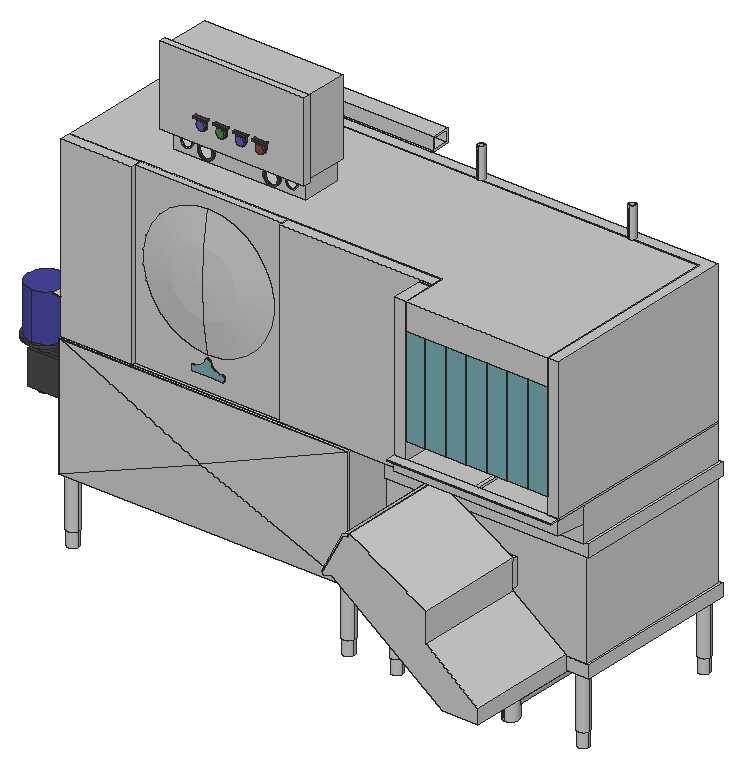
Revit family (continued)
Dimensions and locks (in)
  aligned and locked: plane 3 "BACK" to Extrusion 2 sketch curve
  aligned and locked: plane 13 "Panel Top" to Extrusion 2
  aligned and locked: Extrusion 2 to plane 14
  aligned and locked: plane 2 "LEFT" to Extrusion 3 sketch curve
  aligned and locked: Extrusion 3 sketch curve to plane 6 "FRONT"
  aligned and locked: Extrusion 3 sketch curve to plane 9 "Left of Ledge"
  aligned and locked: Extrusion 3 sketch curve to plane 3 "BACK"
  aligned and locked: plane 3 "BACK" to Extrusion 4 sketch curve
  aligned and locked: Extrusion 4 sketch curve to plane 20
  aligned and locked: Extrusion 4 to plane 13 "Panel Top"
  aligned and locked: plane 3 "BACK" to Extrusion 5 sketch curve
  aligned and locked: plane 19 to Extrusion 5 sketch curve
  aligned and locked: plane 2 "LEFT" to Extrusion 6 sketch curve
  aligned and locked: Extrusion 6 sketch curve to plane 20
  aligned and locked: Extrusion 6 sketch curve to plane 19
  aligned and locked: plane 3 "BACK" to Extrusion 7 sketch curve
  aligned and locked: plane 19 to Extrusion 7 sketch curve
  aligned and locked: plane 2 "LEFT" to Extrusion 7 sketch curve
  aligned and locked: Extrusion 7 to plane 11 "Table Height"
  aligned and locked: Extrusion 6 to plane 24 "Top of Opening"
  aligned and locked: Extrusion 8 sketch curve to plane 22
  aligned and locked: plane 2 "LEFT" to Extrusion 8 sketch curve
  aligned and locked: plane 13 "Panel Top" to Extrusion 8 sketch curve
  aligned and locked: Extrusion 8 to plane 20
  aligned and locked: Extrusion 8 sketch curve to plane 12 "Top of Machine"
  aligned and locked: plane 2 "LEFT" to Blend 9 sketch curve
  aligned and locked: plane 10 "Bottom of Machine" to Blend 9 sketch curve
  aligned and locked: Blend 9 sketch curve to plane 13 "Panel Top"
  aligned and locked: Blend 9 sketch curve to plane 5 "Right of 44"
  aligned and locked: plane 6 "FRONT" to Extrusion 1 sketch curve
  aligned and locked: plane 2 "LEFT" to Extrusion 10 sketch curve
  aligned and locked: Extrusion 10 sketch curve to plane 6 "FRONT"
  aligned and locked: plane 15 to Extrusion 10 sketch curve
  aligned and locked: Extrusion 10 sketch curve to plane 5 "Right of 44"
  aligned and locked: Extrusion 10 to plane 10 "Bottom of Machine"
  aligned and locked: plane 13 "Panel Top" to Extrusion 10
  aligned and locked: plane 23 to Extrusion 11 sketch curve
  aligned and locked: Extrusion 11 sketch curve to plane 12 "Top of Machine"
  aligned and locked: plane 13 "Panel Top" to Extrusion 11 sketch curve
  aligned and locked: Extrusion 11 to plane 20
  aligned and locked: Extrusion 12 sketch curve to plane 23
  aligned and locked: plane 20 to Extrusion 12 sketch curve
  aligned and locked: plane 22 to Extrusion 12 sketch curve
  aligned and locked: Extrusion 12 to plane 13 "Panel Top"
  aligned and locked: plane 25 to Extrusion 14
  aligned and locked: Extrusion 15 to plane 25
  aligned and locked: plane 10 "Bottom of Machine" to Extrusion 15
  aligned and locked: plane 2 "LEFT" to Extrusion 22 sketch curve  (x7)
  aligned and locked: Extrusion 22 sketch curve to plane 19
  aligned and locked: Extrusion 22 sketch curve to plane 20
  aligned and locked: Extrusion 23 sketch curve to plane 31
  aligned and locked: plane 30 "Front of Lower Panel" to Extrusion 23 sketch curve
  aligned and locked: plane 26 to Extrusion 23 sketch curve
  aligned and locked: plane 27 to Extrusion 23 sketch curve
  aligned and locked: Extrusion 24 sketch curve to plane 33 "Back of Panel"
  aligned and locked: plane 32 to Extrusion 24 sketch curve
  aligned and locked: plane 35 to Extrusion 24 sketch curve
  aligned and locked: Extrusion 24 sketch curve to plane 36
  aligned and locked: Extrusion 25 sketch curve to plane 32
  aligned and locked: plane 34 "Front of Upper Panel" to Extrusion 25 sketch curve
  aligned and locked: plane 28 to Extrusion 25 sketch curve
  aligned and locked: Extrusion 25 sketch curve to plane 29
  aligned and locked: Extrusion 28 sketch curve to Extrusion 27  (x2)
  aligned and locked: Extrusion 29 sketch curve to Extrusion 26  (x2)
  aligned and locked: Extrusion 32 sketch curve to Extrusion 31  (x2)
  aligned and locked: Extrusion 33 sketch curve to Extrusion 30  (x2)
  aligned: plane 38 to nested 1
  aligned: nested 1 to plane 37
  aligned and locked: Extrusion 42 to plane 40
  aligned and locked: Extrusion 42 to plane 41
  aligned and locked: Extrusion 43 to plane 41
  aligned and locked: Extrusion 43 to plane 40
  aligned and locked: plane 2 "LEFT" to curve 2
  aligned and locked: plane 3 "BACK" to curve 1
  aligned and locked: plane 6 "FRONT" to curve 3
  aligned and locked: plane 40 to curve 4
  aligned and locked: plane 41 to curve 6
  aligned and locked: curve 5 to plane 42
  aligned and locked: curve 8 to plane 33 "Back of Panel"
  aligned and locked: plane 32 to curve 10
  aligned and locked: plane 35 to curve 9
  aligned and locked: curve 11 to plane 36
  aligned and locked: plane 28 to curve 15
  aligned and locked: plane 34 "Front of Upper Panel" to curve 14
  aligned and locked: curve 13 to plane 29
  aligned and locked: Extrusion 46 sketch curve to plane 16  (x2)
  aligned and locked: plane 44 to Extrusion 46 sketch curve
  aligned and locked: plane 41 to Extrusion 46 sketch curve
  aligned and locked: Extrusion 46 sketch curve to plane 42
  aligned and locked: plane 40 to Extrusion 46 sketch curve
  aligned: plane 39 "Top of Vents" to Extrusion 46
  aligned and locked: plane 4 "TOP" to Extrusion 46
  aligned and locked: plane 12 "Top of Machine" to Extrusion 47 sketch curve
  aligned and locked: Extrusion 47 sketch curve to plane 23
  aligned and locked: plane 22 to Extrusion 47 sketch curve
  aligned and locked: Extrusion 47 sketch curve to plane 45
  aligned and locked: Extrusion 47 to plane 20
  aligned and locked: Extrusion 46 sketch curve to plane 9 "Left of Ledge"
  aligned and locked: Extrusion 51 sketch curve to Extrusion 49
  aligned and locked: Blend 52 sketch curve to Extrusion 51  (x2)
  aligned and locked: Extrusion 61 sketch curve to Extrusion 59  (x2)
  aligned and locked: Extrusion 78 sketch curve to Extrusion 77  (x2)
  aligned and locked: Extrusion 101 to plane 50
  aligned and locked: plane 50 to Extrusion 102
  aligned and locked: plane 51 to Extrusion 103 sketch curve
  aligned and locked: Extrusion 103 sketch curve to plane 49
  aligned and locked: curve 42 to plane 48
  aligned and locked: curve 47 to plane 49
  aligned and locked: plane 51 to curve 45
  aligned and locked: plane 48 to Extrusion 104 sketch curve
  aligned and locked: plane 48 to curve 48
  aligned and locked: plane 20 to Extrusion 106 sketch curve
  aligned and locked: plane 6 "FRONT" to Extrusion 106 sketch curve
  aligned and locked: plane 52 to Extrusion 106 sketch curve
  aligned and locked: Extrusion 106 sketch curve to plane 56
  aligned and locked: plane 55 to Extrusion 107 sketch curve
  aligned and locked: Extrusion 107 sketch curve to plane 53
  aligned and locked: plane 20 to Extrusion 107 sketch curve
  aligned and locked: plane 6 "FRONT" to Extrusion 107 sketch curve
  aligned and locked: Extrusion 106 to plane 13 "Panel Top"
  aligned and locked: Extrusion 107 to plane 13 "Panel Top"
  aligned and locked: curve 59 to plane 22
  aligned and locked: curve 61 to plane 23
  aligned and locked: Extrusion 75 to plane 58
  aligned and locked: Extrusion 73 to plane 58
  aligned and locked: plane 58 to curve 31
Automatic sketch dimensions
  Extrusion 4 sketch curve to plane 15 = 0' - 0"
  Extrusion 4 sketch curve to plane 46 "RIGHT" = 0' - 0"
  Extrusion 4 sketch curve to plane 2 "LEFT" = 0' - 0"
  Extrusion 4 sketch curve to plane 18 = 1' - 0 3/8"
  Extrusion 5 sketch curve to Extrusion 5 sketch curve = 0' - 0"  (x2)
  Extrusion 5 sketch curve to plane 46 "RIGHT" = 0' - 0"
  Extrusion 5 sketch curve to plane 2 "LEFT" = 0' - 0"  (x2)
  plane 31 to Extrusion 5 sketch curve = 0' - 0 1/4"
  Extrusion 5 sketch curve to plane 31 = 0' - 0 1/4"
  plane 30 "Front of Lower Panel" to Extrusion 5 sketch curve = 0' - 2 3/4"
  Extrusion 5 sketch curve to plane 47 = 0' - 0 1/2"  (x2)
  Extrusion 5 sketch curve to Extrusion 5 sketch curve = 0' - 1 5/8"
  Extrusion 5 sketch curve to Extrusion 5 sketch curve = 0' - 10 5/8"
  Extrusion 6 sketch curve to plane 47 = 0' - 0 1/2"
  Extrusion 6 sketch curve to plane 18 = 1' - 0 3/8"
  Extrusion 6 sketch curve to plane 46 "RIGHT" = 0' - 1 5/8"
  Extrusion 7 sketch curve to plane 46 "RIGHT" = 0' - 0"
  Extrusion 7 sketch curve to plane 47 = 0' - 0 1/2"
  Extrusion 7 sketch curve to plane 46 "RIGHT" = 0' - 1 5/8"
  Extrusion 11 sketch curve to plane 18 = 1' - 0 3/8"
  plane 34 "Front of Upper Panel" to Extrusion 22 sketch curve = 0' - 0 3/8"
  Extrusion 22 sketch curve to Extrusion 22 sketch curve = 0' - 0 1/8"  (x6)
  Extrusion 22 sketch curve to plane 30 "Front of Lower Panel" = 0' - 1 1/4"
  plane 31 to Extrusion 22 sketch curve = 0' - 1 5/8"
  Extrusion 22 sketch curve to plane 2 "LEFT" = 0' - 0 1/8"  (x7)
  Extrusion 22 sketch curve to plane 33 "Back of Panel" = 0' - 1"
  Extrusion 22 sketch curve to Extrusion 22 sketch curve = 0' - 3"  (x2)
  Extrusion 26 sketch curve to Extrusion 26 sketch curve = 0' - 0"  (x2)
  Extrusion 27 sketch curve to Extrusion 27 sketch curve = 0' - 0"  (x2)
  Extrusion 30 sketch curve to Extrusion 30 sketch curve = 0' - 0"  (x2)
  Extrusion 31 sketch curve to Extrusion 31 sketch curve = 0' - 0"  (x2)
  Extrusion 34 sketch curve to Extrusion 34 sketch curve = 0' - 2"  (x3)
  Extrusion 34 sketch curve to Extrusion 34 sketch curve = 0' - 1"  (x2)
  Extrusion 34 sketch curve to plane 21 "Door Center" = 0' - 0 1/2"
  plane 21 "Door Center" to Extrusion 34 sketch curve = 0' - 0 1/2"
  plane 39 "Top of Vents" to Extrusion 34 sketch curve = 0' - 3"
  Extrusion 34 sketch curve to Extrusion 34 sketch curve = 0' - 0 1/4"  (x5)
  Extrusion 34 sketch curve to Extrusion 34 sketch curve = 0' - 0"
  Extrusion 39 sketch curve to Extrusion 39 sketch curve = 0' - 0 3/4"  (x4)
  Extrusion 39 sketch curve to Extrusion 39 sketch curve = 0' - 1 1/2"  (x2)
  plane 21 "Door Center" to Extrusion 39 sketch curve = 0' - 0 3/4"
  plane 39 "Top of Vents" to Extrusion 39 sketch curve = 0' - 1 7/8"  (x2)
  Extrusion 39 sketch curve to Extrusion 39 sketch curve = 0' - 0"
  Extrusion 39 sketch curve to Extrusion 39 sketch curve = 0' - 0 7/8"  (x4)
  Extrusion 41 sketch curve to Extrusion 41 sketch curve = 0' - 0"  (x2)
  Extrusion 42 sketch curve to plane 43 = 0' - 0"
  Extrusion 42 sketch curve to plane 12 "Top of Machine" = 0' - 0"
  Extrusion 42 sketch curve to plane 42 = 0' - 0"
  Extrusion 42 sketch curve to plane 42 = 0' - 0 1/8"
  Extrusion 42 sketch curve to plane 16 = 0' - 0 1/8"
  Extrusion 42 sketch curve to Extrusion 42 sketch curve = 0' - 0 1/8"
  plane 12 "Top of Machine" to Extrusion 42 sketch curve = 0' - 0 1/8"
  Extrusion 42 sketch curve to plane 43 = 0' - 0 1/8"
  Extrusion 43 sketch curve to plane 3 "BACK" = 0' - 0"
  Extrusion 43 sketch curve to plane 12 "Top of Machine" = 0' - 0"
  Extrusion 43 sketch curve to plane 3 "BACK" = 0' - 0 1/4"
  Extrusion 43 sketch curve to Extrusion 43 sketch curve = 0' - 0 1/8"
  Extrusion 45 sketch curve to Extrusion 45 sketch curve = 0' - 0"  (x2)
  plane 46 "RIGHT" to Extrusion 46 sketch curve = 0' - 0 5/8"
  Extrusion 50 sketch curve to plane 34 "Front of Upper Panel" = 0' - 0 3/16"
  Blend 52 sketch curve to plane 34 "Front of Upper Panel" = 0' - 0 3/16"
  Extrusion 53 sketch curve to plane 34 "Front of Upper Panel" = 0' - 0 3/16"
  Extrusion 54 sketch curve to plane 34 "Front of Upper Panel" = 0' - 0 3/16"
  Blend 62 sketch curve to plane 9 "Left of Ledge" = 0' - 0 5/16"
  Blend 62 sketch curve to plane 31 = 0' - 2 1/4"
  plane 33 "Back of Panel" to Blend 62 sketch curve = 0' - 1 3/4"
  Blend 62 sketch curve to plane 31 = 0' - 1 1/4"
  plane 33 "Back of Panel" to Blend 62 sketch curve = 0' - 0 3/4"
  plane 30 "Front of Lower Panel" to Blend 63 sketch curve = 0' - 3"
  plane 33 "Back of Panel" to Blend 63 sketch curve = 0' - 2 1/2"
  plane 9 "Left of Ledge" to Blend 63 sketch curve = 0' - 0 7/16"
  Blend 63 sketch curve to plane 9 "Left of Ledge" = 0' - 0 9/16"
  Blend 63 sketch curve to plane 31 = 0' - 2"
  plane 33 "Back of Panel" to Blend 63 sketch curve = 0' - 1 1/2"
  curve 18 to plane 46 "RIGHT" = 0' - 0"
  curve 18 to plane 47 = 0' - 10 1/2"
  curve 21 to plane 46 "RIGHT" = 0' - 0 1/16"
  curve 18 to curve 21 = 0' - 3 1/16"
  curve 24 to plane 47 = 0' - 3 9/16"
  curve 20 to plane 47 = 0' - 0 3/4"
  curve 18 to plane 47 = 0' - 0 1/2"
  curve 22 to plane 18 = 0' - 10 13/16"
  curve 22 to curve 19 = 0' - 0 1/16"
  Extrusion 65 sketch curve to plane 46 "RIGHT" = 0' - 0"
  Extrusion 65 sketch curve to plane 47 = 0' - 2"
  Extrusion 65 sketch curve to plane 18 = 0' - 10 3/4"
  Extrusion 65 sketch curve to plane 47 = 0' - 0 1/2"
  Extrusion 68 sketch curve to plane 47 = 0' - 3 9/16"
  Extrusion 68 sketch curve to plane 18 = 0' - 10 13/16"
  Extrusion 68 sketch curve to Extrusion 68 sketch curve = 0' - 0 1/8"  (x3)
  Extrusion 68 sketch curve to plane 46 "RIGHT" = 0' - 0 3/16"
  Extrusion 68 sketch curve to plane 46 "RIGHT" = 0' - 0 1/16"
  Extrusion 68 sketch curve to Extrusion 68 sketch curve = 0' - 3 5/8"
  Extrusion 69 sketch curve to plane 47 = 0' - 0 1/2"  (x3)
  Extrusion 69 sketch curve to plane 18 = 1' - 0 3/8"
  Extrusion 69 sketch curve to Extrusion 69 sketch curve = 0' - 3"  (x6)
  Extrusion 69 sketch curve to Extrusion 69 sketch curve = 0' - 0 1/8"  (x8)
  Extrusion 69 sketch curve to plane 47 = 0' - 0 3/8"  (x4)
  Extrusion 69 sketch curve to plane 46 "RIGHT" = 0' - 1 5/8"
  Extrusion 69 sketch curve to Extrusion 69 sketch curve = 0' - 0"  (x5)
  Extrusion 71 sketch curve to plane 15 = 0' - 0"
  Extrusion 71 sketch curve to plane 47 = 0' - 0 1/2"
  Extrusion 71 sketch curve to plane 18 = 1' - 0 3/8"
  Extrusion 71 sketch curve to Extrusion 71 sketch curve = 0' - 1 5/8"
  Extrusion 76 sketch curve to plane 47 = 0' - 2.55411"
  Extrusion 76 sketch curve to Extrusion 76 sketch curve = 0' - 0.25142"  (x2)
  Extrusion 76 sketch curve to Extrusion 76 sketch curve = 0' - 0.25483"
  Extrusion 76 sketch curve to Extrusion 76 sketch curve = 0' - 0.30345"
  Extrusion 76 sketch curve to Extrusion 76 sketch curve = 0' - 1.63184"  (x2)
  Extrusion 76 sketch curve to Extrusion 76 sketch curve = 0' - 1.52338"
  Extrusion 76 sketch curve to Extrusion 76 sketch curve = 0' - 0.41934"
  Extrusion 76 sketch curve to plane 47 = 0' - 5.05204"
  Extrusion 76 sketch curve to Extrusion 76 sketch curve = 0' - 0.42496"
  Extrusion 76 sketch curve to Extrusion 76 sketch curve = 0' - 0"  (x2)
  Extrusion 76 sketch curve to Extrusion 76 sketch curve = 0' - 1.22253"
  Extrusion 76 sketch curve to Extrusion 76 sketch curve = 0' - 1.51845"
  Extrusion 76 sketch curve to Extrusion 76 sketch curve = 0' - 0.00341"
  Extrusion 76 sketch curve to Extrusion 76 sketch curve = 0' - 0.34808"
  Extrusion 76 sketch curve to Extrusion 76 sketch curve = 0' - 0.48493"  (x2)
  Extrusion 76 sketch curve to Extrusion 76 sketch curve = 0' - 0.08323"
  Extrusion 76 sketch curve to Extrusion 76 sketch curve = 0' - 11.98442"
  Extrusion 77 sketch curve to Extrusion 77 sketch curve = 0' - 0"  (x2)
  Extrusion 77 sketch curve to plane 47 = 0' - 2 3/4"
  Extrusion 77 sketch curve to plane 46 "RIGHT" = 0' - 5 1/2"
  Extrusion 79 sketch curve to plane 46 "RIGHT" = 0' - 0"
  Extrusion 79 sketch curve to Extrusion 79 sketch curve = 0' - 0 5/8"
  Extrusion 79 sketch curve to plane 47 = 0' - 0 1/2"
  Extrusion 79 sketch curve to Extrusion 79 sketch curve = 0' - 10"
  Extrusion 80 sketch curve to plane 46 "RIGHT" = 0' - 0 9/16"
  Extrusion 80 sketch curve to plane 47 = 0' - 7 5/16"
  Extrusion 80 sketch curve to Extrusion 80 sketch curve = 0' - 3 5/8"
  Extrusion 80 sketch curve to plane 18 = 0' - 10 9/16"
  plane 3 "BACK" to Extrusion 81 sketch curve = 0' - 0"
  Extrusion 81 sketch curve to plane 46 "RIGHT" = 0' - 0"
  Extrusion 81 sketch curve to Extrusion 81 sketch curve = 0' - 0 5/8"
  Extrusion 81 sketch curve to plane 47 = 0' - 0 1/2"
  Extrusion 82 sketch curve to plane 6 "FRONT" = 0' - 0"
  Extrusion 82 sketch curve to plane 16 = 0' - 0"
  plane 46 "RIGHT" to Extrusion 82 sketch curve = 0' - 0 3/8"
  Extrusion 82 sketch curve to plane 18 = 0' - 5"
  Extrusion 83 sketch curve to plane 6 "FRONT" = 0' - 0"
  Extrusion 83 sketch curve to plane 16 = 0' - 0"
  plane 46 "RIGHT" to Extrusion 83 sketch curve = 0' - 0 3/8"
  Extrusion 83 sketch curve to plane 18 = 0' - 5"
  Extrusion 84 sketch curve to plane 6 "FRONT" = 0' - 0"
  plane 3 "BACK" to Extrusion 84 sketch curve = 0' - 0"
  Extrusion 84 sketch curve to plane 46 "RIGHT" = 0' - 0"
  Extrusion 84 sketch curve to plane 18 = 0' - 5 3/8"
  Extrusion 85 sketch curve to plane 15 = 0' - 0"
  Extrusion 85 sketch curve to plane 6 "FRONT" = 0' - 0"
  Extrusion 85 sketch curve to plane 18 = 1' - 0 3/8"
  Extrusion 85 sketch curve to Extrusion 85 sketch curve = 0' - 1 5/8"
  plane 19 to Extrusion 86 sketch curve = 0' - 0 5/8"
  Extrusion 86 sketch curve to plane 18 = 0' - 6 1/8"
  plane 19 to Extrusion 87 sketch curve = 0' - 0 5/8"
  Extrusion 87 sketch curve to plane 18 = 0' - 6 1/8"
  plane 19 to Extrusion 90 sketch curve = 0' - 0 5/8"
  Extrusion 90 sketch curve to plane 46 "RIGHT" = 0' - 1 1/4"
  plane 19 to Extrusion 91 sketch curve = 0' - 0 5/8"
  Extrusion 91 sketch curve to plane 46 "RIGHT" = 0' - 1 1/4"
  Extrusion 95 sketch curve to Extrusion 95 sketch curve = 0' - 0"  (x2)
  Extrusion 95 sketch curve to plane 19 = 0' - 0.87541"
  plane 27 to Extrusion 95 sketch curve = 0' - 4.00139"
  Extrusion 95 sketch curve to Extrusion 95 sketch curve = 0' - 1"
  Extrusion 99 sketch curve to Extrusion 99 sketch curve = 0' - 0"  (x2)
  plane 19 to Extrusion 99 sketch curve = 0' - 0.37459"
  Extrusion 99 sketch curve to plane 18 = 0' - 0.74861"
  Extrusion 100 sketch curve to Extrusion 100 sketch curve = 0' - 0"  (x2)
  plane 19 to Extrusion 100 sketch curve = 0' - 0.37459"
  Extrusion 100 sketch curve to plane 46 "RIGHT" = 1' - 0.00139"
  Extrusion 103 sketch curve to plane 38 = 0' - 0"
  Extrusion 103 sketch curve to plane 37 = 0' - 0"
  plane 38 to Extrusion 103 sketch curve = 0' - 0 1/8"
  Extrusion 103 sketch curve to plane 37 = 0' - 0 1/8"
  Extrusion 103 sketch curve to plane 49 = 0' - 0 1/8"
  plane 51 to Extrusion 103 sketch curve = 0' - 0 1/8"
  Extrusion 104 sketch curve to plane 16 = 0' - 0"
  Extrusion 104 sketch curve to plane 44 = 0' - 0"
  plane 49 to Extrusion 104 sketch curve = 0' - 1 13/16"
  Extrusion 50 sketch curve to plane 9 "Left of Ledge" = 0' - 4 3/4"
  Blend 52 sketch curve to plane 9 "Left of Ledge" = 0' - 4 3/4"
  Extrusion 53 sketch curve to plane 9 "Left of Ledge" = 0' - 4 3/4"
  Extrusion 54 sketch curve to plane 9 "Left of Ledge" = 0' - 4 3/4"
  Blend 62 sketch curve to Blend 62 sketch curve = 0' - 4 7/8"
  Blend 62 sketch curve to plane 9 "Left of Ledge" = 0' - 1 5/16"
  Blend 62 sketch curve to Blend 62 sketch curve = 0' - 2 7/8"
  Blend 63 sketch curve to plane 9 "Left of Ledge" = 0' - 5 15/16"
  Blend 63 sketch curve to Blend 63 sketch curve = 0' - 4 3/8"
  curve 43 to plane 6 "FRONT" = 0' - 0"
  curve 46 to plane 38 = 0' - 0"
  curve 44 to plane 37 = 0' - 0"
  plane 3 "BACK" to curve 42 = 0' - 0"
  curve 1 to plane 46 "RIGHT" = 0' - 0"
  curve 1 to plane 9 "Left of Ledge" = 0' - 0"
  curve 3 to plane 18 = 0' - 10 3/4"
  plane 38 to Extrusion 105 sketch curve = 0' - 0 1/8"
  Extrusion 105 sketch curve to plane 37 = 0' - 0 1/8"
  Extrusion 105 sketch curve to plane 49 = 0' - 0 1/8"
  plane 51 to Extrusion 105 sketch curve = 0' - 0 1/8"
  Extrusion 110 sketch curve to plane 22 = 0' - 0.00802"
  Extrusion 110 sketch curve to plane 6 "FRONT" = 0' - 0.24476"
  Extrusion 111 sketch curve to plane 22 = 0' - 0.00802"
  Extrusion 111 sketch curve to plane 6 "FRONT" = 0' - 0.24476"
  Extrusion 112 sketch curve to plane 23 = 0' - 0.00802"
  Extrusion 112 sketch curve to plane 6 "FRONT" = 0' - 0.24476"
  Extrusion 113 sketch curve to plane 23 = 0' - 0.00802"
  Extrusion 113 sketch curve to plane 6 "FRONT" = 0' - 0.24476"
  plane 3 "BACK" to curve 50 = 0' - 0"
  curve 50 to plane 48 = 0' - 0"
  curve 49 to plane 9 "Left of Ledge" = 0' - 0"
  curve 50 to plane 2 "LEFT" = 0' - 0"
  curve 41 to plane 22 = 0' - 0"
  plane 20 to curve 40 = 0' - 0"
  curve 40 to plane 23 = 0' - 0"
  curve 26 to plane 6 "FRONT" = 0' - 0"
  plane 3 "BACK" to curve 37 = 0' - 0"
  curve 37 to plane 46 "RIGHT" = 0' - 0"
  curve 17 to plane 44 = 0' - 0"
  curve 40 to plane 6 "FRONT" = 0' - 0"
  curve 38 to plane 6 "FRONT" = 0' - 0"
  curve 48 to plane 16 = 0' - 0"
  curve 31 to plane 18 = 0' - 9.82633"
  curve 32 to curve 26 = 0' - 0.92367"
  curve 26 to curve 35 = 0' - 3.22328"
  curve 29 to plane 46 "RIGHT" = 0' - 2 1/8"
  plane 46 "RIGHT" to curve 25 = 0' - 0 5/8"
  plane 58 to curve 25 = 0' - 2 3/4"
  plane 58 to curve 34 = 0' - 2 3/4"
  curve 30 to curve 30 = 0' - 2 3/4"
  curve 35 to plane 47 = 0' - 3 9/16"
  curve 29 to plane 47 = 0' - 3 9/16"
  curve 28 to plane 47 = 0' - 2"
  curve 25 to plane 47 = 0' - 0 1/2"
  curve 27 to plane 47 = 0' - 0 1/2"
  curve 33 to plane 15 = 0' - 0 13/16"
  plane 38 to curve 41 = 0' - 0 7/16"
  plane 14 to Blend 9 sketch curve = 0' - 7 7/32"
  Blend 9 sketch curve to Blend 9 sketch curve = 0' - 0 1/16"
  Revolve 13 sketch curve to plane 15 = 0' - 0"
  Revolve 13 sketch curve to plane 47 = 0' - 6 1/2"
  plane 38 to Revolve 13 sketch curve = 0' - 0 7/16"
  plane 30 "Front of Lower Panel" to Revolve 13 sketch curve = 0' - 2 3/4"
  Revolve 13 sketch curve to plane 24 "Top of Opening" = 0' - 7.74993"
  plane 44 to Revolve 13 sketch curve = 1' - 5.49935"
  Revolve 13 sketch curve to plane 24 "Top of Opening" = 0' - 8"  (x2)
  Extrusion 40 sketch curve to plane 21 "Door Center" = 0' - 0"
  plane 21 "Door Center" to Extrusion 40 sketch curve = 0' - 0.00035"
  plane 55 to Extrusion 40 sketch curve = 0' - 0.35719"
  plane 55 to Extrusion 40 sketch curve = 0' - 0.54876"
  plane 54 to Extrusion 40 sketch curve = 0' - 0.50556"
  plane 54 to Extrusion 40 sketch curve = 0' - 0.8056"
  Extrusion 40 sketch curve to Extrusion 40 sketch curve = 0' - 0.00341"  (x2)
  Extrusion 40 sketch curve to Extrusion 40 sketch curve = 0' - 0.25142"  (x2)
  Extrusion 40 sketch curve to plane 21 "Door Center" = 0' - 0.42461"
  Extrusion 40 sketch curve to Extrusion 40 sketch curve = 0' - 0"
  Extrusion 40 sketch curve to plane 56 = 0' - 0.54876"
  Extrusion 40 sketch curve to plane 57 = 0' - 0.50556"
  Extrusion 40 sketch curve to plane 57 = 0' - 0.8056"
  Extrusion 40 sketch curve to plane 11 "Table Height" = 0' - 2.43574"  (x2)
  Extrusion 40 sketch curve to Extrusion 40 sketch curve = 0' - 0.48493"  (x2)
  Extrusion 40 sketch curve to Extrusion 40 sketch curve = 0' - 0.08323"
  plane 14 to Extrusion 40 sketch curve = 0' - 6.6719"
  plane 17 to Extrusion 48 sketch curve = 0' - 0"
  Extrusion 48 sketch curve to plane 2 "LEFT" = 0' - 0"
  Extrusion 48 sketch curve to plane 14 = 0' - 0"
  Extrusion 48 sketch curve to plane 9 "Left of Ledge" = 0' - 0 1/8"
  Extrusion 48 sketch curve to plane 13 "Panel Top" = 0' - 4 9/16"
  plane 10 "Bottom of Machine" to Extrusion 48 sketch curve = 0' - 0 15/16"
  Extrusion 49 sketch curve to plane 51 = 0' - 0 11/16"
  Extrusion 49 sketch curve to plane 20 = 0' - 1 5/8"
  Extrusion 49 sketch curve to plane 34 "Front of Upper Panel" = 0' - 1 1/2"
  Extrusion 49 sketch curve to plane 34 "Front of Upper Panel" = 0' - 0 3/16"
  Extrusion 49 sketch curve to plane 30 "Front of Lower Panel" = 0' - 0 1/8"
  plane 51 to Extrusion 49 sketch curve = 0' - 0 15/16"
  Extrusion 49 sketch curve to Extrusion 49 sketch curve = 0' - 0"
  Extrusion 49 sketch curve to plane 9 "Left of Ledge" = 0' - 0 3/8"
  Extrusion 49 sketch curve to plane 9 "Left of Ledge" = 0' - 0 1/8"
  Extrusion 55 sketch curve to plane 2 "LEFT" = 0' - 0"
  Extrusion 55 sketch curve to plane 49 = 0' - 0 15/16"
  Extrusion 55 sketch curve to Extrusion 55 sketch curve = 0' - 1 1/4"
  Extrusion 55 sketch curve to plane 11 "Table Height" = 0' - 0 13/16"
  Extrusion 55 sketch curve to Extrusion 55 sketch curve = 0' - 0 3/4"
  Extrusion 55 sketch curve to Extrusion 55 sketch curve = 0' - 1 1/2"
  Extrusion 56 sketch curve to plane 14 = 0' - 0"
  plane 17 to Extrusion 56 sketch curve = 0' - 0"
  Extrusion 56 sketch curve to plane 2 "LEFT" = 0' - 0"
  plane 49 to Extrusion 56 sketch curve = 0' - 0 9/16"
  plane 14 to Extrusion 56 sketch curve = 0' - 0 7/16"
  Extrusion 56 sketch curve to plane 10 "Bottom of Machine" = 0' - 1 9/16"
  Extrusion 57 sketch curve to Extrusion 57 sketch curve = 0' - 0"  (x2)
  plane 10 "Bottom of Machine" to Extrusion 57 sketch curve = 0' - 0 7/16"
  Extrusion 57 sketch curve to plane 49 = 0' - 0 15/16"
  Extrusion 57 sketch curve to plane 49 = 0' - 0 5/16"  (x2)
  plane 49 to Extrusion 57 sketch curve = 0' - 0 1/16"  (x2)
  Extrusion 57 sketch curve to Extrusion 57 sketch curve = 0' - 0 1/4"  (x2)
  plane 14 to Extrusion 57 sketch curve = 0' - 0 1/8"
  plane 49 to Extrusion 57 sketch curve = 0' - 0 5/16"
  Extrusion 57 sketch curve to plane 14 = 0' - 0 7/16"
  Extrusion 57 sketch curve to Extrusion 57 sketch curve = 0' - 0 5/16"
  Extrusion 58 sketch curve to Extrusion 58 sketch curve = 0' - 0"  (x2)
  plane 10 "Bottom of Machine" to Extrusion 58 sketch curve = 0' - 0 7/16"
  Extrusion 58 sketch curve to plane 49 = 0' - 0 15/16"
  Extrusion 58 sketch curve to plane 49 = 0' - 0 5/16"  (x2)
  plane 49 to Extrusion 58 sketch curve = 0' - 0 1/16"  (x2)
  Extrusion 58 sketch curve to Extrusion 58 sketch curve = 0' - 0 1/4"  (x2)
  plane 14 to Extrusion 58 sketch curve = 0' - 0 1/8"
  plane 49 to Extrusion 58 sketch curve = 0' - 0 5/16"
  Extrusion 58 sketch curve to plane 14 = 0' - 0 7/16"
  Extrusion 58 sketch curve to Extrusion 58 sketch curve = 0' - 0 5/16"
  Extrusion 59 sketch curve to Extrusion 59 sketch curve = 0' - 0"  (x6)
  plane 13 "Panel Top" to Extrusion 59 sketch curve = 0' - 0 3/16"
  plane 51 to Extrusion 59 sketch curve = 0' - 1 1/2"
  Extrusion 59 sketch curve to plane 49 = 0' - 1.67562"
  Extrusion 59 sketch curve to Extrusion 59 sketch curve = 0' - 0.36312"
  Extrusion 59 sketch curve to Extrusion 59 sketch curve = 0' - 0 3/8"
  Extrusion 59 sketch curve to plane 49 = 0' - 0.19938"
  plane 49 to Extrusion 59 sketch curve = 0' - 0 1/2"
  Extrusion 59 sketch curve to plane 11 "Table Height" = 0' - 1 9/16"
  Extrusion 59 sketch curve to Extrusion 59 sketch curve = 0' - 0.13295"
  Extrusion 60 sketch curve to Extrusion 60 sketch curve = 0' - 0"  (x6)
  plane 13 "Panel Top" to Extrusion 60 sketch curve = 0' - 0 3/16"
  plane 51 to Extrusion 60 sketch curve = 0' - 1 1/2"
  Extrusion 60 sketch curve to plane 49 = 0' - 1.67562"
  Extrusion 60 sketch curve to Extrusion 60 sketch curve = 0' - 0.36312"
  Extrusion 60 sketch curve to Extrusion 60 sketch curve = 0' - 0 3/8"
  Extrusion 60 sketch curve to plane 49 = 0' - 0.19938"
  plane 49 to Extrusion 60 sketch curve = 0' - 0 1/2"
  Extrusion 60 sketch curve to plane 11 "Table Height" = 0' - 1 9/16"
  Extrusion 60 sketch curve to Extrusion 60 sketch curve = 0' - 0.13295"
  Extrusion 64 sketch curve to Extrusion 64 sketch curve = 0' - 0"  (x2)
  plane 10 "Bottom of Machine" to Extrusion 64 sketch curve = 0' - 0 7/16"
  Extrusion 64 sketch curve to plane 49 = 0' - 1 7/16"
  Extrusion 64 sketch curve to Extrusion 64 sketch curve = 0' - 0 1/2"
  Extrusion 66 sketch curve to plane 12 "Top of Machine" = 0' - 0"
  Extrusion 66 sketch curve to plane 46 "RIGHT" = 0' - 0"
  Extrusion 66 sketch curve to plane 46 "RIGHT" = 0' - 0 1/8"
  Extrusion 66 sketch curve to plane 46 "RIGHT" = 0' - 1 5/8"
  plane 11 "Table Height" to Extrusion 66 sketch curve = 0' - 3 1/2"
  Extrusion 66 sketch curve to plane 18 = 1' - 0 3/8"
  Extrusion 66 sketch curve to plane 12 "Top of Machine" = 0' - 0 1/8"
  Extrusion 66 sketch curve to plane 18 = 0' - 10 7/8"
  Extrusion 66 sketch curve to Extrusion 66 sketch curve = 0' - 0 1/8"
  Extrusion 66 sketch curve to plane 24 "Top of Opening" = 0' - 0.88572"
  Extrusion 66 sketch curve to Extrusion 66 sketch curve = 0' - 0.05178"  (x2)
  Extrusion 66 sketch curve to Extrusion 66 sketch curve = 0' - 1 1/2"
  Extrusion 66 sketch curve to Extrusion 66 sketch curve = 0' - 0.17678"  (x2)
  Extrusion 66 sketch curve to Extrusion 66 sketch curve = 0' - 1.67678"
  Extrusion 67 sketch curve to plane 12 "Top of Machine" = 0' - 0"
  Extrusion 67 sketch curve to plane 24 "Top of Opening" = 0' - 0"
  Extrusion 67 sketch curve to plane 46 "RIGHT" = 0' - 0"
  Extrusion 67 sketch curve to plane 46 "RIGHT" = 0' - 1 5/8"
  plane 11 "Table Height" to Extrusion 67 sketch curve = 0' - 3 1/2"
  Extrusion 67 sketch curve to plane 18 = 1' - 0 3/8"
  Extrusion 67 sketch curve to Extrusion 67 sketch curve = 0' - 1 5/8"  (x3)
  Extrusion 67 sketch curve to plane 24 "Top of Opening" = 0' - 0 15/16"
  Extrusion 70 sketch curve to plane 15 = 0' - 0"
  Extrusion 70 sketch curve to plane 47 = 0' - 0 11/16"
  Extrusion 70 sketch curve to plane 11 "Table Height" = 0' - 0 1/4"
  Extrusion 70 sketch curve to Extrusion 70 sketch curve = 0' - 1 7/8"
  Extrusion 70 sketch curve to Extrusion 70 sketch curve = 0' - 2 1/2"
  Extrusion 72 sketch curve to plane 13 "Panel Top" = 0' - 5 1/4"
  Extrusion 72 sketch curve to plane 46 "RIGHT" = 1' - 2 1/8"
  Extrusion 72 sketch curve to Extrusion 72 sketch curve = 0' - 4"  (x2)
  Extrusion 73 sketch curve to plane 18 = 0' - 9.9992"
  Extrusion 73 sketch curve to Extrusion 73 sketch curve = 0' - 0.22074"
  Extrusion 73 sketch curve to Extrusion 73 sketch curve = 0' - 0.05624"  (x2)
  Extrusion 73 sketch curve to plane 13 "Panel Top" = 0' - 5.19882"
  Extrusion 73 sketch curve to Extrusion 73 sketch curve = 0' - 1.05738"
  Extrusion 73 sketch curve to plane 13 "Panel Top" = 0' - 5.24241"
  Extrusion 73 sketch curve to Extrusion 73 sketch curve = 0' - 0.20624"
  plane 13 "Panel Top" to Extrusion 73 sketch curve = 0' - 0.66948"
  Extrusion 73 sketch curve to Extrusion 73 sketch curve = 0' - 1.51751"
  Extrusion 73 sketch curve to Extrusion 73 sketch curve = 0' - 0.82223"
  Extrusion 73 sketch curve to Extrusion 73 sketch curve = 0' - 0 3/16"
  plane 13 "Panel Top" to Extrusion 73 sketch curve = 0' - 1.49387"
  Extrusion 73 sketch curve to Extrusion 73 sketch curve = 0' - 0 3/32"
  Extrusion 73 sketch curve to plane 46 "RIGHT" = 0' - 10 1/8"
  plane 10 "Bottom of Machine" to Extrusion 73 sketch curve = 0' - 0 3/4"
  Extrusion 73 sketch curve to plane 46 "RIGHT" = 0' - 7.53342"
  plane 14 to Extrusion 73 sketch curve = 0' - 1"
  Extrusion 73 sketch curve to plane 46 "RIGHT" = 0' - 2 1/8"
  Extrusion 73 sketch curve to Extrusion 73 sketch curve = 0' - 0.36274"
  Extrusion 73 sketch curve to Extrusion 73 sketch curve = 0' - 0.11684"
  Extrusion 73 sketch curve to plane 13 "Panel Top" = 0' - 5 1/8"
  Extrusion 73 sketch curve to Extrusion 73 sketch curve = 0' - 0.11737"
  Extrusion 73 sketch curve to Extrusion 73 sketch curve = 0' - 4 3/8"
  plane 14 to Extrusion 74 sketch curve = 0' - 4.77187"
  Extrusion 74 sketch curve to plane 46 "RIGHT" = 1' - 5.33342"
  plane 10 "Bottom of Machine" to Extrusion 74 sketch curve = 0' - 0 3/4"
  Extrusion 74 sketch curve to plane 46 "RIGHT" = 0' - 9.30426"
  Extrusion 74 sketch curve to Extrusion 74 sketch curve = 0' - 1.77083"
  Extrusion 74 sketch curve to Extrusion 74 sketch curve = 0' - 1 21/64"
  Extrusion 75 sketch curve to plane 18 = 0' - 9.83364"
  Extrusion 75 sketch curve to Extrusion 75 sketch curve = 0' - 0.05518"  (x2)
  Extrusion 75 sketch curve to plane 13 "Panel Top" = 0' - 5.05263"
  plane 13 "Panel Top" to Extrusion 75 sketch curve = 0' - 0.72001"
  Extrusion 75 sketch curve to Extrusion 75 sketch curve = 0' - 3.06937"
  plane 13 "Panel Top" to Extrusion 75 sketch curve = 0' - 1.11891"
  Extrusion 75 sketch curve to Extrusion 75 sketch curve = 0' - 0.07053"
  plane 13 "Panel Top" to Extrusion 75 sketch curve = 0' - 1.20708"
  Extrusion 75 sketch curve to Extrusion 75 sketch curve = 0' - 0.10142"
  Extrusion 75 sketch curve to Extrusion 75 sketch curve = 0' - 0.06413"
  plane 13 "Panel Top" to Extrusion 75 sketch curve = 0' - 1.01251"
  Extrusion 75 sketch curve to Extrusion 75 sketch curve = 0' - 0.56757"
  plane 13 "Panel Top" to Extrusion 75 sketch curve = 0' - 1.33149"
  Extrusion 75 sketch curve to Extrusion 75 sketch curve = 0' - 0 1/16"
  Extrusion 75 sketch curve to Extrusion 75 sketch curve = 0' - 0 3/32"  (x2)
  Extrusion 75 sketch curve to Extrusion 75 sketch curve = 0' - 0.05868"
  plane 20 to Extrusion 88 sketch curve = 0' - 0 5/8"
  Extrusion 88 sketch curve to plane 18 = 0' - 6 1/8"
  plane 20 to Extrusion 89 sketch curve = 0' - 0 5/8"
  Extrusion 89 sketch curve to plane 18 = 0' - 6 1/8"
  plane 20 to Extrusion 92 sketch curve = 0' - 0 5/8"
  Extrusion 92 sketch curve to plane 46 "RIGHT" = 0' - 1 1/4"
  plane 20 to Extrusion 93 sketch curve = 0' - 0 5/8"
  Extrusion 93 sketch curve to plane 46 "RIGHT" = 0' - 1 1/4"
  Extrusion 94 sketch curve to plane 10 "Bottom of Machine" = 0' - 0"  (x2)
  Extrusion 94 sketch curve to plane 14 = 0' - 0"
  plane 18 to Extrusion 94 sketch curve = 0' - 0"
  Extrusion 94 sketch curve to plane 18 = 0' - 0 3/8"
  Extrusion 94 sketch curve to plane 14 = 0' - 0 3/8"
  Extrusion 94 sketch curve to Extrusion 94 sketch curve = 0' - 4 1/4"
  Extrusion 94 sketch curve to Extrusion 94 sketch curve = 0' - 0 3/8"
  Extrusion 96 sketch curve to Extrusion 96 sketch curve = 0' - 0"  (x2)
  Extrusion 96 sketch curve to plane 10 "Bottom of Machine" = 0' - 1 1/2"
  Extrusion 96 sketch curve to plane 46 "RIGHT" = 0' - 5.50139"
  Extrusion 97 sketch curve to Extrusion 97 sketch curve = 0' - 0"  (x2)
  Extrusion 97 sketch curve to plane 19 = 0' - 1.87541"
  Extrusion 97 sketch curve to plane 10 "Bottom of Machine" = 0' - 1 1/2"
  Extrusion 98 sketch curve to plane 19 = 0' - 1.87541"
  Extrusion 98 sketch curve to plane 10 "Bottom of Machine" = 0' - 1 1/2"
  Extrusion 101 sketch curve to plane 6 "FRONT" = 0' - 0"
  Extrusion 101 sketch curve to plane 20 = 0' - 0"
  Extrusion 101 sketch curve to plane 19 = 0' - 0"
  Extrusion 101 sketch curve to plane 3 "BACK" = 0' - 0"
  Extrusion 101 sketch curve to plane 12 "Top of Machine" = 0' - 0"
  plane 38 to Extrusion 101 sketch curve = 0' - 0 1/16"
  Extrusion 101 sketch curve to plane 37 = 0' - 0 1/16"
  Extrusion 101 sketch curve to plane 12 "Top of Machine" = 0' - 0 1/8"
  Extrusion 101 sketch curve to plane 24 "Top of Opening" = 0' - 0.88572"
  Extrusion 101 sketch curve to Extrusion 101 sketch curve = 0' - 0.05178"  (x2)
  Extrusion 101 sketch curve to Extrusion 101 sketch curve = 0' - 1 1/2"  (x2)
  Extrusion 101 sketch curve to Extrusion 101 sketch curve = 0' - 0.17678"  (x2)
  plane 11 "Table Height" to Extrusion 101 sketch curve = 0' - 5.17678"
  Extrusion 102 sketch curve to plane 6 "FRONT" = 0' - 0"
  Extrusion 102 sketch curve to plane 20 = 0' - 0"
  Extrusion 102 sketch curve to plane 19 = 0' - 0"
  Extrusion 102 sketch curve to plane 3 "BACK" = 0' - 0"
  Extrusion 102 sketch curve to plane 24 "Top of Opening" = 0' - 0"
  Extrusion 102 sketch curve to plane 12 "Top of Machine" = 0' - 0"
  Extrusion 102 sketch curve to plane 24 "Top of Opening" = 0' - 0 15/16"
  Extrusion 102 sketch curve to Extrusion 102 sketch curve = 0' - 1 5/8"  (x2)
  plane 11 "Table Height" to Extrusion 102 sketch curve = 0' - 5 1/8"
  curve 51 to plane 6 "FRONT" = 0' - 0"
  curve 60 to plane 6 "FRONT" = 0' - 0"
  curve 61 to plane 6 "FRONT" = 0' - 0"
  curve 59 to plane 6 "FRONT" = 0' - 0"
  plane 20 to curve 51 = 0' - 0"
  plane 20 to curve 52 = 0' - 0"
  curve 51 to plane 55 = 0' - 0"
  curve 60 to plane 56 = 0' - 0"
  Sweep 108 sketch curve to plane 15 = 0' - 0.61976"
  Sweep 108 sketch curve to plane 15 = 0' - 0.11976"  (x2)
  plane 6 "FRONT" to Sweep 108 sketch curve = 0' - 0.00524"  (x2)
  plane 11 "Table Height" to Sweep 108 sketch curve = 0' - 3 13/16"
  Sweep 108 sketch curve to plane 24 "Top of Opening" = 0' - 4 15/16"
  Sweep 108 sketch curve to profile plane = 0' - 0"  (x2)
  Sweep 109 sketch curve to plane 15 = 0' - 0.61976"
  Sweep 109 sketch curve to plane 15 = 0' - 0.11976"  (x2)
  plane 6 "FRONT" to Sweep 109 sketch curve = 0' - 0.00524"  (x2)
  plane 11 "Table Height" to Sweep 109 sketch curve = 0' - 3 13/16"
  Sweep 109 sketch curve to plane 24 "Top of Opening" = 0' - 4 15/16"
  Sweep 109 sketch curve to profile plane = 0' - 0"  (x2)
  plane 54 to curve 57 = 0' - 0.36698"
  curve 57 to plane 15 = 0' - 0.61976"
  curve 53 to plane 57 = 0' - 0.38302"
  curve 53 to plane 15 = 0' - 0.61976"
  plane 6 "FRONT" to curve 57 = 0' - 0.00524"
  plane 6 "FRONT" to curve 54 = 0' - 0.00524"
  plane 6 "FRONT" to curve 56 = 0' - 0.00524"
  plane 6 "FRONT" to curve 53 = 0' - 0.00524"
  plane 33 "Back of Panel" to curve 65 = 0' - 3.37619"
  curve 64 to plane 28 = 0' - 0.00565"
  curve 64 to plane 19 = 0' - 4.50442"
  curve 64 to plane 19 = 0' - 2.01003"
  curve 63 to plane 41 = 0' - 3.49435"
  curve 58 to plane 54 = 0' - 0.00802"
  plane 57 to curve 54 = 0' - 0.36698"
  plane 26 to curve 64 = 0' - 3.49435"
  plane 26 to curve 65 = 0' - 3.49435"
  radius of Extrusion 14 sketch curve = 0' - 0 13/16"
  radius of Extrusion 15 sketch curve = 0' - 0 15/16"
  radius of Extrusion 16 sketch curve = 0' - 0 13/16"
  radius of Extrusion 17 sketch curve = 0' - 0 15/16"
  radius of Extrusion 18 sketch curve = 0' - 0 13/16"
  radius of Extrusion 19 sketch curve = 0' - 0 15/16"
  radius of Extrusion 20 sketch curve = 0' - 0 13/16"
  radius of Extrusion 21 sketch curve = 0' - 0 15/16"
  radius of Extrusion 26 sketch curve = 0' - 1 1/4"
  radius of Extrusion 26 sketch curve = 0' - 1"
  radius of Extrusion 27 sketch curve = 0' - 0 3/4"
  radius of Extrusion 27 sketch curve = 0' - 0 7/8"
  radius of Extrusion 30 sketch curve = 0' - 1 1/4"
  radius of Extrusion 30 sketch curve = 0' - 1"
  radius of Extrusion 31 sketch curve = 0' - 0 3/4"
  radius of Extrusion 31 sketch curve = 0' - 0 7/8"
  radius of Extrusion 35 sketch curve = 0' - 0 5/8"
  radius of Extrusion 36 sketch curve = 0' - 0 5/8"
  radius of Extrusion 37 sketch curve = 0' - 0 5/8"
  radius of Extrusion 38 sketch curve = 0' - 0 5/8"
  radius of Extrusion 41 sketch curve = 0' - 0 3/8"
  radius of Extrusion 41 sketch curve = 0' - 0 1/2"
  radius of Extrusion 44 sketch curve = 0' - 0 1/4"
  radius of Extrusion 45 sketch curve = 0' - 1"
  radius of Extrusion 45 sketch curve = 0' - 1 1/8"
  radius of Extrusion 50 sketch curve = 0' - 1 1/16"
  radius of Blend 52 sketch curve = 0' - 2 1/16"
  radius of Extrusion 53 sketch curve = 0' - 3 1/4"
  radius of Extrusion 54 sketch curve = 0' - 2 7/8"
  radius of Extrusion 77 sketch curve = 0' - 1"
  radius of Extrusion 77 sketch curve = 0' - 1 1/8"
  radius of Extrusion 86 sketch curve = 0' - 0 13/16"
  radius of Extrusion 87 sketch curve = 0' - 0 15/16"
  radius of Extrusion 90 sketch curve = 0' - 0 13/16"
  radius of Extrusion 91 sketch curve = 0' - 0 15/16"
  radius of Extrusion 99 sketch curve = 0' - 0 3/8"
  radius of Extrusion 99 sketch curve = 0' - 0 1/2"
  radius of Extrusion 100 sketch curve = 0' - 0 3/8"
  radius of Extrusion 100 sketch curve = 0' - 0 1/2"
  radius of Extrusion 110 sketch curve = 0' - 0 1/4"
  radius of Extrusion 111 sketch curve = 0' - 0 1/4"
  radius of Extrusion 112 sketch curve = 0' - 0 1/4"
  radius of Extrusion 113 sketch curve = 0' - 0 1/4"
  radius of Extrusion 55 sketch curve = 0' - 0 3/8"
  radius of Extrusion 57 sketch curve = 0' - 0 1/2"
  radius of Extrusion 58 sketch curve = 0' - 0 1/2"
  radius of Extrusion 88 sketch curve = 0' - 0 13/16"
  radius of Extrusion 89 sketch curve = 0' - 0 15/16"
  radius of Extrusion 92 sketch curve = 0' - 0 13/16"
  radius of Extrusion 93 sketch curve = 0' - 0 15/16"
  radius of Extrusion 96 sketch curve = 0' - 1"
  radius of Extrusion 96 sketch curve = 0' - 1 1/8"
  radius of Extrusion 97 sketch curve = 0' - 1"
  radius of Extrusion 97 sketch curve = 0' - 1 1/8"
  radius of Extrusion 98 sketch curve = 0' - 1 1/8"
  radius of Sweep 108 sketch curve = 0' - 0 3/8"
  radius of Sweep 109 sketch curve = 0' - 0 3/8"
Nested families (in)
  nested 1: "QF_Stero_ER-76SC_R-L_E_EX" at (57.32772, -81.3125, 0), visible <- "Right Vent", Ventilation Remarks <- "Right Ventilation Remarks", Exhaust Volume <- "Right Exhaust Volume", Exhaust Vent Width <- "Right Exhaust Vent Width", Exhaust Vent Depth <- "Right Exhaust Vent Depth", Exhaust Static Press <- "Right Exhaust Static Press", Exhaust RI Height <- "Right Exhaust RI Height", Item Number <- "Right Exhaust Item Number", type "Nested"
    with Ventilation Remarks "", Item Number "-", Exhaust Volume 0 CFM, Exhaust Vent Width 2' - 0 7/8", Exhaust Vent Depth 0' - 3 7/8", Exhaust Static Press 0.00 in-wg, Exhaust RI Height 0' - 0"
  nested 2: "QF_Stero_ER-76SC_R-L_E_HW2" at (47.32772, -49.25, 0), Plumbing Remarks <- "Building Plumbing Remarks", Hot Water Temperature <- "Building Hot Water Temperature", Hot Water Size <- "Building Hot Water Size", Hot Water RI Height <- "Building Hot Water RI Height", Hot Water Minimum Pressure <- "Building Hot Water Minimum Pressure", Hot Water Maximum Pressure <- "Building Hot Water Maximum Pressure", Hot Water Flow <- "Building Hot Water Flow", Hot Water Consumption <- "Building Hot Water Consumption", Hot Water Connection Height <- "Building Hot Water Connection Height", Item Number <- "Building HW Item Number", type "Nested"
    with Plumbing Remarks "", Item Number "-", Hot Water Temperature 140 °F, Hot Water Size Radius 3/8", Hot Water Size 3/4", Hot Water RI Height 0' - 0", Hot Water Minimum Pressure 0.00 psi, Hot Water Maximum Pressure 0.00 psi, Hot Water Flow 0.00 GPM, Hot Water Consumption 0.00 GPM, Hot Water Connection Height 5' - 0"
Connectors (in)
  piping at (30.32772, -51.5, 6), driven by "Indirect Waste Flow"
    settings: on Extrusion 45, index 1, connector radius 1", flow factor 0, pipe flow 0.00 GPM, pressure drop 0.00 psi, fitting loss kfactor 0, connector angle 0.00°, fixture units 0, flow configuration 1, flow direction 2, fitting loss method 0, system type 16, connector reference index -1, connector utility 0, adjustable connector no, is connector primary yes, fitting loss table "", connector description "Indirect Waste"
  piping at (19.32772, -48.75, 60), driven by "Hot Water Flow"
    settings: on Extrusion 41, index 2, connector radius 3/8", flow factor 0, pipe flow 1.97 GPM, pressure drop 0.00 psi, fitting loss kfactor 0, connector angle 0.00°, fixture units 0, flow configuration 1, flow direction 1, fitting loss method 0, system type 19, connector reference index -1, connector utility 0, adjustable connector no, is connector primary no, fitting loss table "", connector description "Booster Hot Water"
  electrical at (34.32772, -59.9375, 68.5), driven by "Number of Poles", driven by "Volts", driven by "Apparent Power"
    settings: on Extrusion 44, index 3, voltage 480 V, apparent load 20760 VA, apparent load phase1 0 VA, apparent load phase2 0 VA, apparent load phase3 0 VA, power factor 1, load classification "Other", number of poles 3, system type 30, power factor state 1, is connector primary yes, connector utility no, sub classification motor no, connector description "Electric"
  piping at (76.82772, -80.5, 6), driven by "Indirect Waste Flow"
    settings: on Extrusion 77, index 8, connector radius 1", flow factor 0, pipe flow 0.00 GPM, pressure drop 0.00 psi, fitting loss kfactor 0, connector angle 0.00°, fixture units 0, flow configuration 1, flow direction 2, fitting loss method 0, system type 16, connector reference index -1, connector utility 0, adjustable connector no, is connector primary no, fitting loss table "", connector description ""
  piping at (47.32633, -49.25041, 60), driven by "Building Hot Water Flow"
    settings: on Extrusion 99, index 9, connector radius 3/8", flow factor 0, pipe flow 0.00 GPM, pressure drop 0.00 psi, fitting loss kfactor 0, connector angle 0.00°, fixture units 0, flow configuration 1, flow direction 1, fitting loss method 0, system type 19, connector reference index -1, connector utility 0, adjustable connector no, is connector primary no, fitting loss table "", connector description "Building Hot Water"
  piping at (70.32633, -49.25041, 60), driven by "Cold Water Flow"
    settings: on Extrusion 100, index 10, connector radius 3/8", flow factor 0, pipe flow 0.00 GPM, pressure drop 0.00 psi, fitting loss kfactor 0, connector angle 0.00°, fixture units 0, flow configuration 1, flow direction 1, fitting loss method 0, system type 20, connector reference index -1, connector utility 0, adjustable connector no, is connector primary no, fitting loss table "", connector description "Cold Water"
  hvac at (69.82772, -83.25, 59.5), driven by "Right Exhaust Volume", driven by "Right Exhaust Vent Depth", driven by "Right Exhaust Vent Width"
    settings: on cut or joined group of Extrusion 68, Extrusion 80, index 11, duct flow 0 CFM, flow factor 0, pres drop 0.00 in-wg, loss coef 0, conn angle 0.00°, conn width 24 7/8", conn height 3 7/8", conn radius 12", duct sys type 3, conn prof type 1, flow config 1, flow direction 2, loss method 0, conn ref index -1, conn util no, is conn primary no, conn desc "Right Vent"
  hvac at (-2.67228, -60.5, 59.5), driven by "Exhaust Volume", driven by "Exhaust Vent Depth", driven by "Exhaust Vent Width"
    settings: on cut or joined group of Extrusion 103, Extrusion 105, index 12, duct flow 0 CFM, flow factor 0, pres drop 0.00 in-wg, loss coef 0, conn angle 0.00°, conn width 3 7/8", conn height 24 7/8", conn radius 12", duct sys type 3, conn prof type 1, flow config 1, flow direction 2, loss method 0, conn ref index -1, conn util no, is conn primary yes, conn desc ""
Definition of nested family "QF_Stero_ER-76SC_R-L_E_EX"
  Parameters (values of type "Nested")
    Watermarked By = "http://revitwatermark.com"
    Ventilation Remarks [instance] = ""
    Type Comments = "⍁⍉⌁⌀⏭⎽⌇⍠⌜⍉⎖⌥⌦⌯⍭⏊⍻⍿⍊⏵⍊⏗⏠⍴⎡⌈⎀⍠⌓⌤⏘⎐⍀⌐⏬⏁⎈⏍⏦⎒⏬⌝⍩⍇⌣〈⎫〉⎁⏊⍥⍖⍥⍝⍦⌖⍀⏌⏭⎝⎼⏷⏞⍻⏯⎽⏷⏞⍻⏯⎽⏷⎺⌻⎝⍎⌧⏷⏟⏿⌿⍜⍦⍤⌁⍬⏶⏎⍊⏚⏉⎞⌡⎀⎪⏈⌟⌿⍾⍼⌟⌿⌢⏮⏝⏝⏛⎽⎻⎷⎳⎻⎗⌾⍼⎴⏿⏰⏑⏮⍮⍺⏼⏅⎏⌽⌻⍽⎝⍮⎧⎯⏛⎼⎮⍾⏬⏇⏎⏳⏦⏠⎧⎳⍷⏿⌏"
    Item Number [instance] = "-"
    Exhaust Volume [instance] = 0 CFM
    Exhaust Vent Width [instance] = 1' - 4"
    Exhaust Vent Depth [instance] = 0' - 4"
    Exhaust Static Press [instance] = 0.00 in-wg
    Exhaust RI Height [instance] = 0' - 0"
    Description = ""
    Assembly Code = ""
  Reference planes (in)
    plane 1 "Center (Back)": y = 0
    plane 2: z = 0
    plane 3 "Center (Left)": x = 0
    plane 4: x = 16
    plane 5: y = -4
  Lines and regions (in)
    symbolic lines, style "QF_Multiple Utilities"
      curve 1: line (0, 0, 0) -> (16, 0, 0)
      curve 2: line (0, -4, 0) -> (0, 0, 0)
      curve 3: line (16, -4, 0) -> (0, -4, 0)
      curve 4: line (16, 0, 0) -> (16, -4, 0)
      curve 5: line (16, 0, 0) -> (0, -4, 0)
      curve 6: line (0, 0, 0) -> (16, -4, 0)
  Dimensions and locks (in)
    "Exhaust Vent Width": plane 3 "Center (Left)" to plane 4
    "Exhaust Vent Depth": plane 1 "Center (Back)" to plane 5
    aligned and locked: level to plane 2
    aligned and locked: plane 1 "Center (Back)" to curve 1
    aligned and locked: plane 3 "Center (Left)" to curve 2
    aligned and locked: curve 3 to plane 5
    aligned and locked: curve 4 to plane 4
Definition of nested family "QF_Stero_ER-76SC_R-L_E_HW2"
  Parameters (values of type "Nested")
    Watermarked By = "http://revitwatermark.com"
    Type Comments = "⍁⍉⌁⌀⏭⎽⌇⍠⌜⍉⎖⌥⌦⌯⍭⏊⍻⍿⍊⏵⍊⏗⏠⍴⎡⌈⎀⍠⌓⌤⏘⎐⍀⌐⏬⏁⎈⏍⏦⎒⏬⌝⍩⍇⌣〈⎫〉⎁⏊⍥⍖⍥⍝⍦⌖⍀⏌⏭⎝⎼⏷⏞⍻⏯⎽⏷⏞⍻⏯⎽⏷⎺⌻⎝⍎⌧⏷⏟⏿⌿⍜⍦⍤⌁⍬⏶⏎⍊⏚⏉⎞⌡⎀⎪⏈⌟⌿⍾⍼⌟⌿⌢⏮⏝⏝⏛⎽⎻⎷⎳⎻⎗⌾⍼⎴⏿⏰⏑⏮⍮⍺⏼⏅⎏⌽⌻⍽⎝⍮⎧⎯⏛⎼⎮⍾⏬⏇⏎⏳⏦⏠⎧⎳⍷⏿⌏"
    Plumbing Remarks [instance] = ""
    Item Number [instance] = "-"
    Hot Water Temperature [instance] = 0 °F
    Hot Water Size [instance] = 1/4"
    Hot Water RI Height [instance] = 0' - 0"
    Hot Water Minimum Pressure [instance] = 0.00 psi
    Hot Water Maximum Pressure [instance] = 0.00 psi
    Hot Water Flow [instance] = 0.00 GPM
    Hot Water Consumption [instance] = 0.00 GPM
    Hot Water Connection Height [instance] = 0' - 0"
    Description = ""
    Hot Water Size Radius [instance] = Hot Water Size / 2  # 1/8"
    Assembly Code = ""
  Reference planes (in)
    plane 1 "Center (Back)": y = 0
    plane 2: z = 0
    plane 3 "Center (Left)": x = 0
  Lines and regions (in)
    symbolic lines, style "QF_Multiple Utilities"
      curve 1: circle (0, 0, 0) r 0.125 normal (0, 0, 1)
  Dimensions and locks (in)
    "Hot Water Size Radius": radius of curve 1
    aligned and locked: level to plane 2
  Automatic sketch dimensions
    plane 1 "Center (Back)" to curve 1 = 0' - 0"
    curve 1 to plane 3 "Center (Left)" = 0' - 0"
Types (3): name | Watermarked By | Volts | FL Amps | Apparent Power
  (no name) | "" | 480 V | 25 A | 20760 VA
  208/60/3 | "" | 208 V | 54.2 A | 19503.3 VA
  480/60/3 | "http://revitwatermark.com" | 480 V | 25 A | 20760 VA
